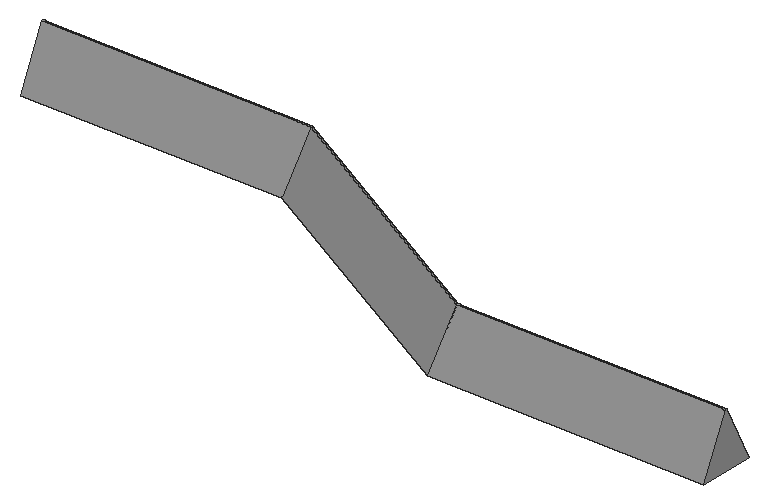
Revit family "Armeret_BetonZig-Zag_55mm_p_i_t_1131111", category Generic Models, Revit 2019
Family settings
  Can host rebar = No
  Round Connector Dimension = Use Diameter
  Part Type = Normal
  Work Plane-Based = Yes
  Always vertical = No
  Cut with Voids When Loaded = No
  Shared = No
  Room Calculation Point = No
Parameters (values of type "55 mm")
  concrete = Concrete
  Website Link = "https://haucon.dk/produkt/armeret-beton-zig-zag/#variations"
  Total Length = 800 mm
  Technical Data Sheet = "https://haucon.dk/wp-content/uploads/2016/04/1131090-Beton-zig-zag-TDS-DK.pdf"
  Default Elevation = 1219.2 mm
  Armerment width = 55 mm
  Armerment Height = Armerment width  # 55 mm
Types (13, lengths in mm): name | Armerment width | Armerment Height
  35 mm | 35 | 35
  55 mm | 55 | 55
  40 mm | 40 | 40
  45 mm | 45 | 45
  50 mm | 50 | 50
  60 mm | 60 | 60
  25 mm | 25 | 25
  30 mm | 30 | 30
  70 mm | 70 | 70
  75 mm | 75 | 75
  80 mm | 80 | 80
  90 mm | 90 | 90
  100 mm | 100 | 100
Reference planes
  plane 1 "Center (Front/Back)": y = 0
  plane 2: z = 0
  plane 3 "Center (Left/Right)": x = 0
  plane 4: y = 27.5
  plane 5: y = -27.5
  plane 6: z = 55
  plane 7: x = 266.667
  plane 8: x = 533.333
  plane 9: x = 800
Forms (mm)
  Sweep 1, solid, material "Concrete" <- "concrete"
    path origin (135, 0, 0) x (1, 0, 0) y (0, 1, 0)
      loop
        line (-135, 0) -> (132.554, 0) -> (397.446, -149.776) -> (665, -149.776)
    profile origin (133.777, 0, 0) x (0, 1, 0) y (0, 0, 1)
      loop
        line (27.5, 0) -> (0.856, 54.544)
        arc (0.856, 54.544) -> (0, 54.98) -> (-0.856, 54.544) r 1.059
        line (-0.856, 54.544) -> (-27.5, 0) -> (27.5, 0)
Dimensions and locks
  equal spacing: plane 4, plane 1 "Center (Front/Back)", plane 5
  "Armerment width": plane 4 to plane 5
  "Armerment Height": level to plane 6
  "Total Length": plane 3 "Center (Left/Right)" to plane 9
  equal spacing: plane 3 "Center (Left/Right)", plane 7, plane 8, plane 9
  aligned and locked: level to plane 2
  aligned and locked: level to Sweep 1 sketch curve
  aligned and locked: plane 3 "Center (Left/Right)" to Sweep 1
  aligned and locked: plane 9 to Sweep 1 sketch curve
Automatic sketch dimensions
  plane 1 "Center (Front/Back)" to Sweep 1 sketch curve = 0 mm
  Sweep 1 sketch curve to plane 3 "Center (Left/Right)" = 0 mm
  Sweep 1 sketch curve to plane 7 = 0.887 mm
  plane 8 to Sweep 1 sketch curve = 0.887 mm
  plane 1 "Center (Front/Back)" to Sweep 1 sketch curve = 149.776 mm
  Sweep 1 sketch curve to plane 5 = 0 mm
  Sweep 1 sketch curve to profile plane = 0 mm
  Sweep 1 sketch curve to plane 4 = 0 mm
  plane 6 to Sweep 1 sketch curve = 0.456 mm  (x2)
  profile plane to Sweep 1 sketch curve = 0.856 mm
  Sweep 1 sketch curve to Sweep 1 sketch curve = 0.623 mm
